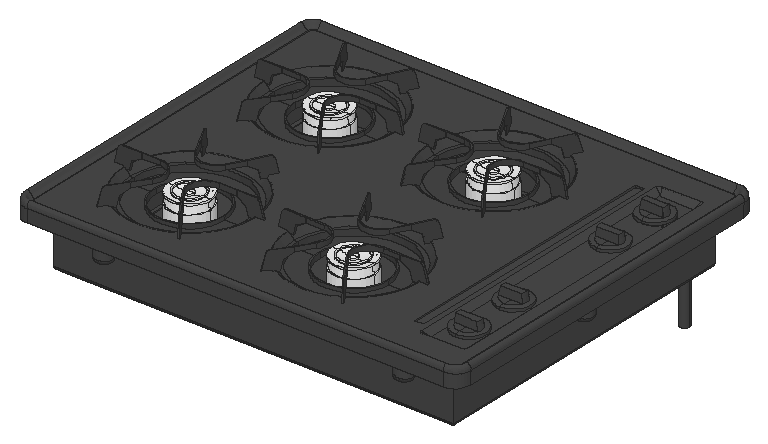
Revit family "QF_Summit_TNL03P_Cooktop", category Specialty Equipment, Revit 2020 (continued)
Definition of nested family "Summit_Burner"
  Automatic sketch dimensions
    curve 28 to plane 8 "Center X" = 0.00005"
    curve 28 to curve 30 = 0"
    curve 28 to curve 29 = 0"
    curve 37 to curve 23 = 0.00008"
    curve 23 to curve 21 = 0.00002"
    curve 21 to curve 20 = 0.00003"
    curve 30 to curve 16 = 0.00015"
    curve 32 to curve 20 = 0.08532"
    curve 21 to curve 32 = 0.00683"
    curve 31 to curve 21 = 0.0725"
    curve 12 to curve 11 = 0.00194"
    curve 34 to curve 12 = 0.06053"
    curve 33 to curve 12 = 0.06852"
    curve 10 to curve 11 = 0.27562"
    curve 30 to curve 23 = 0.05436"
    curve 35 to curve 10 = 0.05987"
    curve 32 to curve 33 = 0.01816"
    curve 34 to curve 32 = 0.06703"
    curve 31 to curve 34 = 0.0111"
    curve 29 to curve 25 = 0.0546"
    curve 26 to curve 25 = 0.14085"
    curve 36 to curve 9 = 0.05612"
    curve 28 to curve 26 = 0.05462"
    curve 8 to curve 36 = 0.11219"
    curve 37 to curve 8 = 0.0556"
    curve 30 to curve 35 = 0.00104"
    curve 29 to curve 36 = 0.00067"
    curve 28 to curve 37 = 0.00063"
    curve 18 to curve 21 = 0.00535"
    curve 21 to curve 19 = 0.07323"
    curve 11 to curve 12 = 0.0019"
    curve 12 to curve 14 = 0.06051"
    curve 12 to curve 13 = 0.06855"
    curve 11 to curve 10 = 0.3055"
    curve 23 to curve 22 = 0.06833"
    curve 10 to curve 15 = 0.04534"
    curve 13 to curve 18 = 0.01507"
    curve 18 to curve 14 = 0.07001"
    curve 19 to plane 8 "Center X" = 0.08242"
    curve 25 to curve 24 = 0.05466"
    curve 9 to curve 16 = 0.0538"
    curve 26 to curve 27 = 7/128"
    curve 9 to curve 8 = 0.16803"
    curve 8 to curve 17 = 0.04772"
    curve 15 to curve 22 = 0.00203"
    curve 16 to curve 24 = 0.0001"
    curve 17 to curve 27 = 0.00107"
    curve 30 to curve 35 = 0.06245"
    curve 29 to curve 36 = 0.06245"
    curve 28 to curve 37 = 0.06245"
    curve 18 to curve 14 = 0.0297"
    curve 32 to curve 34 = 0.03106"
    curve 12 to curve 34 = 0.04337"
    curve 14 to curve 11 = 0.04324"
    curve 15 to curve 10 = 0.02225"
    curve 16 to curve 9 = 0.03201"
    curve 17 to curve 8 = 0.02894"
    Revolve 1 sketch curve to plane 7 "Center Y" = 0"  (x2)
    Revolve 1 sketch curve to Revolve 1 sketch curve = 0.23333"
    Revolve 1 sketch curve to plane 7 "Center Y" = 0.24695"
    Revolve 1 sketch curve to Revolve 1 sketch curve = 0.51345"
    Revolve 1 sketch curve to Revolve 1 sketch curve = 0.02917"
    Revolve 1 sketch curve to Revolve 1 sketch curve = 0.18246"
    Revolve 1 sketch curve to Revolve 1 sketch curve = 0.07859"
    Revolve 1 sketch curve to Revolve 1 sketch curve = 0.0713"
    Revolve 1 sketch curve to plane 6 "TOP" = 0.50892"
    Revolve 1 sketch curve to Revolve 1 sketch curve = 0.14989"
    Revolve 1 sketch curve to Revolve 1 sketch curve = 0.7"
    Revolve 1 sketch curve to Revolve 1 sketch curve = 0.05833"  (x2)
    plane 3 "LEFT" to Revolve 1 sketch curve = 0.74587"
    Revolve 1 sketch curve to Revolve 1 sketch curve = 0.1959"
    plane 3 "LEFT" to Revolve 1 sketch curve = 1/4"
    Revolve 1 sketch curve to plane 6 "TOP" = 0.53304"
    Revolve 1 sketch curve to Revolve 1 sketch curve = 0.02643"
    Revolve 1 sketch curve to plane 6 "TOP" = 0.8456"
    Revolve 1 sketch curve to Revolve 1 sketch curve = 0"  (x2)
    Revolve 1 sketch curve to Revolve 1 sketch curve = 0.20616"
    Revolve 1 sketch curve to Revolve 1 sketch curve = 1.38136"
    Revolve 1 sketch curve to Revolve 1 sketch curve = 0.0449"
    Revolve 1 sketch curve to Revolve 1 sketch curve = 0.35749"
    Revolve 1 sketch curve to Revolve 1 sketch curve = 0.07043"
    Revolve 1 sketch curve to Revolve 1 sketch curve = 0.03555"
    Revolve 1 sketch curve to Revolve 1 sketch curve = 0.07819"
    Revolve 1 sketch curve to Revolve 1 sketch curve = 0.04006"
    Revolve 1 sketch curve to Revolve 1 sketch curve = 0.01412"
    Revolve 1 sketch curve to Revolve 1 sketch curve = 0.0834"
    Extrusion 2 sketch curve to Extrusion 2 sketch curve = 0"  (x6)
    Extrusion 2 sketch curve to plane 7 "Center Y" = 0"
    plane 7 "Center Y" to Extrusion 2 sketch curve = 0.78533"
    plane 7 "Center Y" to Extrusion 2 sketch curve = 0.79697"
    Extrusion 2 sketch curve to Extrusion 2 sketch curve = 0.05518"  (x4)
    Extrusion 2 sketch curve to Extrusion 2 sketch curve = 0.05181"  (x4)
    Extrusion 2 sketch curve to Extrusion 2 sketch curve = 0.44677"  (x2)
    Extrusion 2 sketch curve to Extrusion 2 sketch curve = 0.54664"  (x2)
    Extrusion 2 sketch curve to plane 8 "Center X" = 1/32"
    Extrusion 2 sketch curve to Extrusion 2 sketch curve = 0.73738"  (x2)
    Extrusion 2 sketch curve to Extrusion 2 sketch curve = 0.95164"  (x2)
    Extrusion 2 sketch curve to plane 7 "Center Y" = 0.78533"
    Extrusion 2 sketch curve to plane 7 "Center Y" = 0.79697"
    plane 8 "Center X" to Extrusion 2 sketch curve = 1/32"
    plane 8 "Center X" to Extrusion 2 sketch curve = 1.39462"
    Extrusion 2 sketch curve to Extrusion 2 sketch curve = 0.02934"
    Extrusion 2 sketch curve to Extrusion 2 sketch curve = 0.41757"
    Extrusion 2 sketch curve to Extrusion 2 sketch curve = 1/16"  (x2)
    Extrusion 2 sketch curve to Extrusion 2 sketch curve = 0.88944"  (x2)
    plane 6 "TOP" to Extrusion 3 sketch curve = 1/4"
    plane 3 "LEFT" to Extrusion 3 sketch curve = 1.21219"
    Extrusion 3 sketch curve to plane 6 "TOP" = 0.05877"
    Extrusion 3 sketch curve to Extrusion 3 sketch curve = 0.53481"
    Extrusion 3 sketch curve to Extrusion 3 sketch curve = 0.12323"
    Extrusion 3 sketch curve to Extrusion 3 sketch curve = 1/4"
    Extrusion 3 sketch curve to Extrusion 3 sketch curve = 0.09613"
    plane 3 "LEFT" to Extrusion 3 sketch curve = 0.16348"
    Extrusion 3 sketch curve to plane 3 "LEFT" = 0.05937"
    Extrusion 3 sketch curve to plane 3 "LEFT" = 0.24994"
    Extrusion 3 sketch curve to plane 6 "TOP" = 0.43845"
    Extrusion 3 sketch curve to Extrusion 3 sketch curve = 0.11457"
    plane 6 "TOP" to Extrusion 3 sketch curve = 0.27032"
    Extrusion 3 sketch curve to Extrusion 3 sketch curve = 0.05556"
    plane 6 "TOP" to Extrusion 4 sketch curve = 1/4"
    Extrusion 4 sketch curve to plane 6 "TOP" = 0.05877"
    Extrusion 4 sketch curve to Extrusion 4 sketch curve = 0.53481"
    Extrusion 4 sketch curve to Extrusion 4 sketch curve = 0.12323"
    Extrusion 4 sketch curve to plane 6 "TOP" = 0.55301"
    Extrusion 4 sketch curve to Extrusion 4 sketch curve = 1/4"
    Extrusion 4 sketch curve to plane 6 "TOP" = 0.43845"
    Extrusion 4 sketch curve to Extrusion 4 sketch curve = 0.09613"
    plane 6 "TOP" to Extrusion 4 sketch curve = 0.27032"
    Extrusion 4 sketch curve to Extrusion 4 sketch curve = 0.5139"
    plane 6 "TOP" to Extrusion 4 sketch curve = 0.32589"
    Extrusion 4 sketch curve to Extrusion 4 sketch curve = 0.22285"
    Extrusion 4 sketch curve to Extrusion 4 sketch curve = 0.45796"
    plane 6 "TOP" to Extrusion 5 sketch curve = 1/4"
    plane 4 "RIGHT" to Extrusion 5 sketch curve = 1.21219"
    Extrusion 5 sketch curve to plane 6 "TOP" = 0.05877"
    Extrusion 5 sketch curve to Extrusion 5 sketch curve = 0.53481"
    Extrusion 5 sketch curve to Extrusion 5 sketch curve = 0.12323"
    Extrusion 5 sketch curve to Extrusion 5 sketch curve = 1/4"
    Extrusion 5 sketch curve to Extrusion 5 sketch curve = 0.09613"
    plane 4 "RIGHT" to Extrusion 5 sketch curve = 0.16348"
    Extrusion 5 sketch curve to plane 4 "RIGHT" = 0.05937"
    Extrusion 5 sketch curve to plane 4 "RIGHT" = 0.24994"
    plane 6 "TOP" to Extrusion 5 sketch curve = 0.27032"
    Extrusion 5 sketch curve to Extrusion 5 sketch curve = 0.05556"
    Extrusion 5 sketch curve to plane 6 "TOP" = 0.43845"
    Extrusion 5 sketch curve to Extrusion 5 sketch curve = 0.11457"
    plane 6 "TOP" to Extrusion 6 sketch curve = 1/4"
    Extrusion 6 sketch curve to plane 6 "TOP" = 0.05877"
    Extrusion 6 sketch curve to Extrusion 6 sketch curve = 0.53481"
    Extrusion 6 sketch curve to Extrusion 6 sketch curve = 0.12323"
    Extrusion 6 sketch curve to plane 6 "TOP" = 0.55301"
    Extrusion 6 sketch curve to Extrusion 6 sketch curve = 1/4"
    Extrusion 6 sketch curve to plane 6 "TOP" = 0.43845"
    Extrusion 6 sketch curve to Extrusion 6 sketch curve = 0.09613"
    plane 6 "TOP" to Extrusion 6 sketch curve = 0.27032"
    Extrusion 6 sketch curve to Extrusion 6 sketch curve = 0.5139"
    plane 6 "TOP" to Extrusion 6 sketch curve = 0.32589"
    Extrusion 6 sketch curve to Extrusion 6 sketch curve = 0.22285"
    Extrusion 6 sketch curve to Extrusion 6 sketch curve = 0.45796"
    plane 6 "TOP" to Extrusion 7 sketch curve = 1/4"
    Extrusion 7 sketch curve to plane 6 "TOP" = 0.05877"
    Extrusion 7 sketch curve to Extrusion 7 sketch curve = 0.53481"
    Extrusion 7 sketch curve to Extrusion 7 sketch curve = 0.12323"
    Extrusion 7 sketch curve to plane 6 "TOP" = 0.55301"
    Extrusion 7 sketch curve to Extrusion 7 sketch curve = 1/4"
    Extrusion 7 sketch curve to plane 6 "TOP" = 0.43845"
    Extrusion 7 sketch curve to Extrusion 7 sketch curve = 0.09613"
    plane 6 "TOP" to Extrusion 7 sketch curve = 0.27032"
    Extrusion 7 sketch curve to Extrusion 7 sketch curve = 0.5139"
    plane 6 "TOP" to Extrusion 7 sketch curve = 0.32589"
    Extrusion 7 sketch curve to Extrusion 7 sketch curve = 0.22285"
    Extrusion 7 sketch curve to Extrusion 7 sketch curve = 0.45796"
    plane 6 "TOP" to Extrusion 8 sketch curve = 1/4"
    Extrusion 8 sketch curve to plane 6 "TOP" = 0.05877"
    Extrusion 8 sketch curve to Extrusion 8 sketch curve = 0.53481"
    Extrusion 8 sketch curve to Extrusion 8 sketch curve = 0.12323"
    Extrusion 8 sketch curve to plane 6 "TOP" = 0.55301"
    Extrusion 8 sketch curve to Extrusion 8 sketch curve = 1/4"
    Extrusion 8 sketch curve to plane 6 "TOP" = 0.43845"
    Extrusion 8 sketch curve to Extrusion 8 sketch curve = 0.09613"
    plane 6 "TOP" to Extrusion 8 sketch curve = 0.27032"
    Extrusion 8 sketch curve to Extrusion 8 sketch curve = 0.5139"
    plane 6 "TOP" to Extrusion 8 sketch curve = 0.32589"
    Extrusion 8 sketch curve to Extrusion 8 sketch curve = 0.22285"
    Extrusion 8 sketch curve to Extrusion 8 sketch curve = 0.45796"
    curve 38 to curve 10 = 0.09124"
    curve 39 to curve 38 = 0.05181"
    curve 40 to curve 41 = 0.03495"
    curve 42 to plane 5 "FRONT" = 0.2744"
    curve 10 to curve 43 = 0.11316"
    curve 43 to curve 44 = 0"
    curve 44 to curve 43 = 0.05181"
    curve 45 to curve 9 = 0.5693"
    curve 45 to curve 46 = 0.03495"
    plane 8 "Center X" to curve 49 = 1/32"
    curve 49 to plane 4 "RIGHT" = 0.24994"
    curve 50 to plane 5 "FRONT" = 0.2744"
    curve 45 to curve 50 = 0.05181"
    curve 49 to plane 8 "Center X" = 1/32"
    curve 25 to curve 26 = 0.14084"
    curve 26 to curve 27 = 0.03027"
    curve 23 to curve 30 = 0.03089"
    curve 21 to curve 31 = 0.03066"
    curve 20 to curve 18 = 0.08679"
    curve 21 to curve 32 = 0.07353"
    curve 20 to curve 32 = 0.03085"
    curve 30 to curve 51 = 0.12572"
    curve 51 to curve 23 = 0.07139"
    curve 51 to curve 52 = 0.05518"
    curve 52 to curve 51 = 0.05518"
    curve 56 to curve 55 = 0.05518"
    plane 1 "BACK" to curve 57 = 0.1948"
    plane 1 "BACK" to curve 54 = 0.1948"
    radius of curve 2 = 0.80512"
    radius of curve 3 = 0.74678"
    radius of curve 4 = 0.23333"
